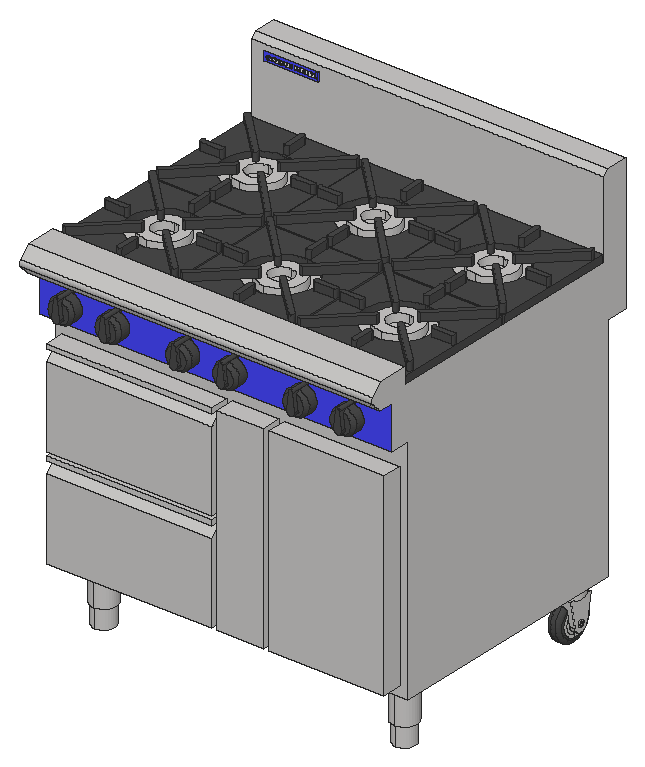
Revit family "QF_MOFFAT_BLUESEAL_CE_G516D-RB", category Specialty Equipment, Revit 2012
Parameters
  Weight in Pounds = 396  # constant formula
  Width [instance] = 900.00 mm  # constant formula
  Watts = 250 W
  Volts = 230 V
  URL Cutsheet = "www.moffat.com"
  URL = "www.moffat.com"
  Type Mark [instance] = ""
  Status [instance] = ""
  Specification by User [instance] = ""
  Specification by Manufacturer = ""
  Show Logo [instance] = yes
  Show Door [instance] = no
  Show Clearance [instance] = yes
  Show Casters [instance] = yes
  Serial Number = ""
  Seismic Rating = ""
  SMACNA No = ""
  Revision Code [instance] = ""
  Refrigerant Type = "R134a"
  Phase = 1
  Omniclass Number and Title = ""
  Number of Poles = 1
  NAFEM Spec ID Number = ""
  Model = "G516D-RB"
  Min Ckt Ampacity = 0 A
  Mechanical Remarks = ""
  Mechanical Connection Type = ""
  Max Overcurrent Protection = 0 A
  Masterspec = ""
  Manufacturer = "MOFFAT BLUESEAL"
  Legs [instance] = not(Show Casters)  # no
  Item Number [instance] = ""
  Installed By [instance] = ""
  Identify Quantity as Lot [instance] = yes
  HP = ""
  Gas Size = 3/4"
  Gas RI Height = 0.00 mm
  Gas KW = 42
  Gas Input = 144500.0 Btu/h
  Gas Connection Height = 0.00 mm
  Furnished By [instance] = ""
  Foodservice Equipment Identifier [instance] = yes
  FL Amps = 1.8 A
  Elec Conn RI Height = 0.00 mm
  Elec Conn Connection Height = 0.00 mm
  Drawer Clearance [instance] = and(Show Clearance, and(Drawer))  # yes
  Drawer [instance] = not(Show Door)  # yes
  Door Clearance [instance] = and(Show Clearance, and(Show Door))  # no
  Description = "900MM GAS COOK TOP ON REFRIGERATED BASE"
  Depth [instance] = 812.00 mm  # constant formula
  Cycle = 50 Hz
  Conn Plug = ""
  Conn Conduit = yes
  CSI MasterFormat = ""
  CSI Master Format = ""
  Back Splash [instance] = 215.00 mm  # constant formula
  Apparent Power = if(Phase = 3, Volts * FL Amps * 1.73, Volts * FL Amps)  # 414 VA
Reference planes
  plane 1 "BACK": y = 0
  plane 2: z = 0
  plane 3 "LEFT": x = 0
  plane 4 "RIGHT": x = 900
  plane 5 "FRONT": y = -812
  plane 6 "TOP": z = 970
  plane 7 "Center Y": x = 450
  plane 8 "Center X": y = -406
  plane 9 "Base Height": z = 150
  plane 10: z = 915
  plane 11: x = 65
  plane 12: x = 834
  plane 13: y = -625
  plane 14: x = 770
  plane 15: z = 655
  plane 16: y = -32
  plane 17: x = 617
  plane 18: z = 402
  plane 19: z = 1085
  plane 20: y = -100
Forms (mm)
  Extrusion 1, solid, material "QF_Finishes_Stainless Steel"
    sketch origin (0, 0, 0) x (0, 1, 0) y (0, 0, 1)
      loop
        line (-697, 150) -> (-57, 150) -> (-57, 740) -> (0, 740) -> (0, 1085) -> (-57.5, 1085) -> (-70, 1072.5) -> (-70, 875) -> (-705, 875) -> (-705, 915) -> (-783.97, 915) -> (-808.485, 890.485)
        arc (-808.485, 890.485) -> (-811.999, 882) -> (-808.485, 873.515) r 12
        line (-808.485, 873.515) -> (-784.97, 850) -> (-749, 850) -> (-749, 740) -> (-697, 740) -> (-697, 150)
    from 0 to 900
  Revolve 2, solid, material "QF_Finishes_Stainless Steel", visible <- "Legs"
    sketch origin (834, -210, 0) x (0, 1, 0) y (0, 0, -1)
      loop
        line (78.25, -150) -> (110, -150) -> (110, 0) -> (82.5, 0) -> (82.5, -50) -> (78.25, -50) -> (78.25, -150)
      axis (110, -150) -> (110, 0)
    angle from 0 to 360
  Revolve 3, solid, material "QF_Finishes_Stainless Steel"
    sketch origin (834, -735, 0) x (0, 1, 0) y (0, 0, -1)
      loop
        line (78.25, -150) -> (110, -150) -> (110, 0) -> (82.5, 0) -> (82.5, -50) -> (78.25, -50) -> (78.25, -150)
      axis (110, -150) -> (110, 0)
    angle from 0 to 360
  Revolve 4, solid, material "QF_Finishes_Stainless Steel", visible <- "Legs"
    sketch origin (65, -210, 0) x (0, 1, 0) y (0, 0, -1)
      loop
        line (78.25, -150) -> (110, -150) -> (110, 0) -> (82.5, 0) -> (82.5, -50) -> (78.25, -50) -> (78.25, -150)
      axis (110, -150) -> (110, 0)
    angle from 0 to 360
  Revolve 5, solid, material "QF_Finishes_Stainless Steel"
    sketch origin (65, -735, 0) x (0, 1, 0) y (0, 0, -1)
      loop
        line (78.25, -150) -> (110, -150) -> (110, 0) -> (82.5, 0) -> (82.5, -50) -> (78.25, -50) -> (78.25, -150)
      axis (110, -150) -> (110, 0)
    angle from 0 to 360
  Revolve 6, solid, material "QF_Finishes_Black"
    sketch origin (89.687, 0, 599.987) x (0, 1, 0) y (0, 0, -1)
      loop
        line (-789, -229.5) -> (-766, -229.5) -> (-766, -202) -> (-756, -202) -> (-756, -197) -> (-800, -197) -> (-800, -223.651) -> (-789, -229.5)
      axis (-800, -197) -> (-756, -197)
    angle from 0 to 360
  Extrusion 7, solid, material "QF_Finishes_Black"
    sketch origin (227.957, 0, 600.145) x (-1, 0, 0) y (0, 0, -1)
      loop
        line (127.85, -186.037) -> (133.271, -228.955)
        arc (133.271, -228.955) -> (138.27, -233.842) -> (143.268, -228.955) r 5
        line (143.268, -228.955) -> (148.757, -184.87)
        arc (148.757, -184.87) -> (137.685, -174.371) -> (127.85, -186.037) r 10.487
    from 759 to 808
  Extrusion 8, solid, material "QF_Finishes_Stainless Steel"
    sketch origin (0, -699, 685) x (1, 0, 0) y (0, -1, 0)
      loop
        circle (770, -667) r 13.5
    from -55 to 30
  Extrusion 9, solid, material "QF_Finishes_Stainless Steel"
    sketch origin (0, -57, 685) x (0, 0, 1) y (1, 0, 0)
      loop
        circle (-265, 620) r 13.5
    from 0 to 3.18
  Revolve 10, solid, material "QF_Finishes_Stainless Steel", visible <- "Show Casters"
    sketch origin (485.423, -100.755, -12.798) x (1, 0, 0) y (0, 0, 1)
      loop
        line (314.841, 63.604) -> (383.584, 63.604) -> (383.584, 67.109) -> (382.314, 68.379) -> (380.79, 68.379) -> (380.79, 71.826) -> (368.644, 71.826) -> (368.644, 81.79) -> (365.088, 83.843) -> (363.738, 92.179) -> (365.881, 92.179) -> (365.881, 98.529) -> (365.088, 98.529) -> (365.088, 104.879)
        arc (365.088, 104.879) -> (362.298, 111.614) -> (355.563, 114.404) r 9.525
        line (355.563, 114.404) -> (342.863, 114.404)
        arc (342.863, 114.404) -> (336.127, 111.614) -> (333.338, 104.879) r 9.525
        line (333.338, 104.879) -> (333.338, 98.529) -> (332.544, 98.529) -> (332.544, 92.179) -> (334.687, 92.179) -> (333.352, 83.932) -> (329.782, 81.871) -> (329.782, 71.826) -> (317.635, 71.826) -> (317.635, 68.379) -> (316.111, 68.379) -> (314.841, 67.109) -> (314.841, 63.604)
      axis (314.841, 63.604) -> (383.584, 63.604)
    angle from 0 to 360
  Extrusion 11, solid, material "QF_Finishes_Stainless Steel", visible <- "Show Casters"
    sketch origin (841.147, 132.353, -9.137) x (0, 1, 0) y (0, 0, 1)
      loop
        line (-200.603, 118.783) -> (-264.103, 118.783) -> (-251.746, 53.895)
        arc (-251.746, 53.895) -> (-232.353, 38.783) -> (-212.959, 53.895) r 20
        line (-212.959, 53.895) -> (-200.603, 118.783)
    from -35.667 to 22.923
  Revolve 12, solid, material "QF_Finishes_Stainless Steel", visible <- "Show Casters"
    sketch origin (834.646, -204, -0.354) x (0, 1, 0) y (0, 0, 1)
      loop
        line (68.25, 150) -> (68.25, 110) -> (104, 110) -> (104, 150) -> (68.25, 150)
      axis (104, 150) -> (104, 110)
    angle from 0 to 360
  Revolve 13, solid, material "QF_Finishes_Stainless Steel", visible <- "Show Casters"
    sketch origin (-283.577, -100.755, -12.798) x (1, 0, 0) y (0, 0, 1)
      loop
        line (314.841, 63.604) -> (383.584, 63.604) -> (383.584, 67.109) -> (382.314, 68.379) -> (380.79, 68.379) -> (380.79, 71.826) -> (368.644, 71.826) -> (368.644, 81.79) -> (365.088, 83.843) -> (363.738, 92.179) -> (365.881, 92.179) -> (365.881, 98.529) -> (365.088, 98.529) -> (365.088, 104.879)
        arc (365.088, 104.879) -> (362.298, 111.614) -> (355.563, 114.404) r 9.525
        line (355.563, 114.404) -> (342.863, 114.404)
        arc (342.863, 114.404) -> (336.127, 111.614) -> (333.338, 104.879) r 9.525
        line (333.338, 104.879) -> (333.338, 98.529) -> (332.544, 98.529) -> (332.544, 92.179) -> (334.687, 92.179) -> (333.352, 83.932) -> (329.782, 81.871) -> (329.782, 71.826) -> (317.635, 71.826) -> (317.635, 68.379) -> (316.111, 68.379) -> (314.841, 67.109) -> (314.841, 63.604)
      axis (314.841, 63.604) -> (383.584, 63.604)
    angle from 0 to 360
  Extrusion 14, solid, material "QF_Finishes_Stainless Steel", visible <- "Show Casters"
    sketch origin (72.147, 132.353, -9.137) x (0, 1, 0) y (0, 0, 1)
      loop
        line (-200.603, 118.783) -> (-264.103, 118.783) -> (-251.746, 53.895)
        arc (-251.746, 53.895) -> (-232.353, 38.783) -> (-212.959, 53.895) r 20
        line (-212.959, 53.895) -> (-200.603, 118.783)
    from -35.667 to 22.923
  Revolve 15, solid, material "QF_Finishes_Stainless Steel", visible <- "Show Casters"
    sketch origin (65.646, -204, -0.354) x (0, 1, 0) y (0, 0, 1)
      loop
        line (68.25, 150) -> (68.25, 110) -> (104, 110) -> (104, 150) -> (68.25, 150)
      axis (104, 150) -> (104, 110)
    angle from 0 to 360
  Revolve 16, solid, material "QF_Finishes_Black"
    sketch origin (210, 0, 600) x (0, 1, 0) y (0, 0, -1)
      loop
        line (-789, -229.5) -> (-766, -229.5) -> (-766, -202) -> (-756, -202) -> (-756, -197) -> (-800, -197) -> (-800, -223.651) -> (-789, -229.5)
      axis (-800, -197) -> (-756, -197)
    angle from 0 to 360
  Extrusion 17, solid, material "QF_Finishes_Black"
    sketch origin (348.27, 0, 600.158) x (-1, 0, 0) y (0, 0, -1)
      loop
        line (127.85, -186.037) -> (133.271, -228.955)
        arc (133.271, -228.955) -> (138.27, -233.842) -> (143.268, -228.955) r 5
        line (143.268, -228.955) -> (148.757, -184.87)
        arc (148.757, -184.87) -> (137.685, -174.371) -> (127.85, -186.037) r 10.487
    from 759 to 808
  Revolve 18, solid, material "QF_Finishes_Black"
    sketch origin (389.769, 0, 600) x (0, 1, 0) y (0, 0, -1)
      loop
        line (-789, -229.5) -> (-766, -229.5) -> (-766, -202) -> (-756, -202) -> (-756, -197) -> (-800, -197) -> (-800, -223.651) -> (-789, -229.5)
      axis (-800, -197) -> (-756, -197)
    angle from 0 to 360
  Extrusion 19, solid, material "QF_Finishes_Black"
    sketch origin (528.038, 0, 600.158) x (-1, 0, 0) y (0, 0, -1)
      loop
        line (127.85, -186.037) -> (133.271, -228.955)
        arc (133.271, -228.955) -> (138.27, -233.842) -> (143.268, -228.955) r 5
        line (143.268, -228.955) -> (148.757, -184.87)
        arc (148.757, -184.87) -> (137.685, -174.371) -> (127.85, -186.037) r 10.487
    from 759 to 808
  Revolve 20, solid, material "QF_Finishes_Black"
    sketch origin (689.769, 0, 600) x (0, 1, 0) y (0, 0, -1)
      loop
        line (-789, -229.5) -> (-766, -229.5) -> (-766, -202) -> (-756, -202) -> (-756, -197) -> (-800, -197) -> (-800, -223.651) -> (-789, -229.5)
      axis (-800, -197) -> (-756, -197)
    angle from 0 to 360
  Extrusion 21, solid, material "QF_Finishes_Black"
    sketch origin (828.038, 0, 600.158) x (-1, 0, 0) y (0, 0, -1)
      loop
        line (127.85, -186.037) -> (133.271, -228.955)
        arc (133.271, -228.955) -> (138.27, -233.842) -> (143.268, -228.955) r 5
        line (143.268, -228.955) -> (148.757, -184.87)
        arc (148.757, -184.87) -> (137.685, -174.371) -> (127.85, -186.037) r 10.487
    from 759 to 808
  Revolve 22, solid, material "QF_Finishes_Black"
    sketch origin (510.081, 0, 600.013) x (0, 1, 0) y (0, 0, -1)
      loop
        line (-789, -229.5) -> (-766, -229.5) -> (-766, -202) -> (-756, -202) -> (-756, -197) -> (-800, -197) -> (-800, -223.651) -> (-789, -229.5)
      axis (-800, -197) -> (-756, -197)
    angle from 0 to 360
  Extrusion 23, solid, material "QF_Finishes_Black"
    sketch origin (648.351, 0, 600.171) x (-1, 0, 0) y (0, 0, -1)
      loop
        line (127.85, -186.037) -> (133.271, -228.955)
        arc (133.271, -228.955) -> (138.27, -233.842) -> (143.268, -228.955) r 5
        line (143.268, -228.955) -> (148.757, -184.87)
        arc (148.757, -184.87) -> (137.685, -174.371) -> (127.85, -186.037) r 10.487
    from 759 to 808
  Revolve 24, solid, material "QF_Finishes_Black"
    sketch origin (810.081, 0, 600.013) x (0, 1, 0) y (0, 0, -1)
      loop
        line (-789, -229.5) -> (-766, -229.5) -> (-766, -202) -> (-756, -202) -> (-756, -197) -> (-800, -197) -> (-800, -223.651) -> (-789, -229.5)
      axis (-800, -197) -> (-756, -197)
    angle from 0 to 360
  Extrusion 25, solid, material "QF_Finishes_Black"
    sketch origin (948.351, 0, 600.171) x (-1, 0, 0) y (0, 0, -1)
      loop
        line (127.85, -186.037) -> (133.271, -228.955)
        arc (133.271, -228.955) -> (138.27, -233.842) -> (143.268, -228.955) r 5
        line (143.268, -228.955) -> (148.757, -184.87)
        arc (148.757, -184.87) -> (137.685, -174.371) -> (127.85, -186.037) r 10.487
    from 759 to 808
  Extrusion 26, solid, material "QF_Finishes_Stainless Steel"
    sketch origin (0, 0, 0) x (0, 1, 0) y (0, 0, 1)
      loop
        line (-699, 678) -> (-747, 678) -> (-747, 665) -> (-715.13, 665) -> (-749, 636.579) -> (-749, 431) -> (-699, 431) -> (-699, 678)
      loop
        line (-749, 175) -> (-699, 175) -> (-699, 421) -> (-747, 421) -> (-747, 408) -> (-715.13, 408) -> (-749, 379.579) -> (-749, 175)
    from 17.986 to 440
  Extrusion 27, solid, material "QF_Finishes_Stainless Steel"
    sketch origin (723.5, 0, 0) x (0, 1, 0) y (0, 0, 1)
      loop
        line (-699, 678) -> (-749, 678) -> (-749, 175) -> (-699, 175) -> (-699, 678)
    from -270.5 to -150.5
  Extrusion 28, solid, material "QF_Door-Drawer Clearances", visible <- "Show Clearance", detail levels coarse
    sketch origin (0, -749, 676) x (0, 0, -1) y (1, 0, 0)
      loop
        line (501, 440) -> (255, 440) -> (255, 17.986) -> (501, 17.986) -> (501, 440)
      loop
        line (245, 440) -> (-2, 440) -> (-2, 17.986) -> (245, 17.986) -> (245, 440)
    from 0 to 304.8
  Extrusion 29, solid, material "QF_Finishes_Stainless Steel"
    sketch origin (1031.5, 0, 0) x (0, 1, 0) y (0, 0, 1)
      loop
        line (-699, 678) -> (-749, 678) -> (-749, 175) -> (-699, 175) -> (-699, 678)
    from -444.5 to -150.5
Lines and regions (mm)
  Split face 1
    outline origin (0, 612.322, 1085) x (0, -1, 0) y (1, 0, 0)
      loop
        arc (657.707, 566) -> (652.707, 574.66) -> (642.707, 574.66) r 10
        line (642.707, 574.66) -> (635.707, 570.619)
        arc (635.707, 570.619) -> (632.047, 566.959) -> (630.707, 561.959) r 10
        line (630.707, 561.959) -> (630.707, 334)
        arc (630.707, 334) -> (635.707, 325.34) -> (645.707, 325.34) r 10
        line (645.707, 325.34) -> (652.707, 329.381)
        arc (652.707, 329.381) -> (656.368, 333.041) -> (657.707, 338.041) r 10
        line (657.707, 338.041) -> (657.707, 566)
  Split face 2
    outline origin (0, 612.322, 1085) x (0, -1, 0) y (1, 0, 0)
      loop
        arc (630.707, 624) -> (635.707, 615.34) -> (645.707, 615.34) r 10
        line (645.707, 615.34) -> (652.707, 619.381)
        arc (652.707, 619.381) -> (656.368, 623.041) -> (657.707, 628.041) r 10
        line (657.707, 628.041) -> (657.707, 856)
        arc (657.707, 856) -> (652.707, 864.66) -> (642.707, 864.66) r 10
        line (642.707, 864.66) -> (635.707, 860.619)
        arc (635.707, 860.619) -> (632.047, 856.959) -> (630.707, 851.959) r 10
        line (630.707, 851.959) -> (630.707, 624)
  Split face 3
    outline origin (0, 612.322, 1085) x (0, -1, 0) y (1, 0, 0)
      loop
        arc (657.707, 276) -> (652.707, 284.66) -> (642.707, 284.66) r 10
        line (642.707, 284.66) -> (635.707, 280.619)
        arc (635.707, 280.619) -> (632.047, 276.959) -> (630.707, 271.959) r 10
        line (630.707, 271.959) -> (630.707, 44)
        arc (630.707, 44) -> (635.707, 35.34) -> (645.707, 35.34) r 10
        line (645.707, 35.34) -> (652.707, 39.381)
        arc (652.707, 39.381) -> (656.368, 43.041) -> (657.707, 48.041) r 10
        line (657.707, 48.041) -> (657.707, 276)
  Split face 4
    outline origin (1031.5, -749, 676) x (0, 0, -1) y (1, 0, 0)
      loop
        line (291.62, -416.534) -> (481.62, -416.534) -> (481.62, -181.534) -> (291.62, -181.534) -> (291.62, -416.534)
  Split face 5
    outline origin (1031.5, -749, 931) x (0, 0, -1) y (1, 0, 0)
      loop
        line (291.62, -416.534) -> (356.62, -416.534) -> (356.62, -181.534) -> (291.62, -181.534) -> (291.62, -416.534)
  Split face 6
    outline origin (1031.5, -749, 807.725) x (0, 0, -1) y (1, 0, 0)
      loop
        line (307.841, -274.649) -> (342.841, -274.649) -> (342.841, -219.649) -> (307.841, -219.649) -> (307.841, -274.649)
  Split face 7
    outline origin (939.097, -749, 808.536) x (0, 0, -1) y (1, 0, 0)
      loop
        line (307.841, -274.649) -> (342.841, -274.649) -> (342.841, -239.649) -> (307.841, -239.649) -> (307.841, -274.649)
  symbolic lines
    curve 1: line (0, 0, 0) -> (0, -812, 0)
    curve 2: line (900, 0, 0) -> (0, 0, 0)
    curve 3: line (900, -812, 0) -> (900, 0, 0)
    curve 4: line (0, -812, 0) -> (900, -812, 0)
    curve 13: line (0, -783.97, 0) -> (900, -783.97, 0)
    curve 14: line (0, -70, 0) -> (900, -70, 0)
    curve 15: line (334, -18.385, 0) -> (561.959, -18.385, 0)
    curve 16: arc (561.959, -18.385, 0) -> (566.959, -19.725, 0) -> (570.619, -23.385, 0) r 10
    curve 17: line (570.619, -23.385, 0) -> (574.66, -30.385, 0)
    curve 18: arc (574.66, -30.385, 0) -> (574.66, -40.385, 0) -> (566, -45.385, 0) r 10
    curve 19: line (566, -45.385, 0) -> (338.041, -45.385, 0)
    curve 20: arc (338.041, -45.385, 0) -> (333.041, -44.045, 0) -> (329.381, -40.385, 0) r 10
    curve 21: line (329.381, -40.385, 0) -> (325.34, -33.385, 0)
    curve 22: arc (325.34, -33.385, 0) -> (325.34, -23.385, 0) -> (334, -18.385, 0) r 10
    curve 23: line (44, -18.385, 0) -> (271.959, -18.385, 0)
    curve 24: arc (271.959, -18.385, 0) -> (276.959, -19.725, 0) -> (280.619, -23.385, 0) r 10
    curve 25: line (280.619, -23.385, 0) -> (284.66, -30.385, 0)
    curve 26: arc (284.66, -30.385, 0) -> (284.66, -40.385, 0) -> (276, -45.385, 0) r 10
    curve 27: line (276, -45.385, 0) -> (48.041, -45.385, 0)
    curve 28: arc (48.041, -45.385, 0) -> (43.041, -44.045, 0) -> (39.381, -40.385, 0) r 10
    curve 29: line (39.381, -40.385, 0) -> (35.34, -33.385, 0)
    curve 30: arc (35.34, -33.385, 0) -> (35.34, -23.385, 0) -> (44, -18.385, 0) r 10
    curve 31: line (624, -18.385, 0) -> (851.959, -18.385, 0)
    curve 32: arc (851.959, -18.385, 0) -> (856.959, -19.725, 0) -> (860.619, -23.385, 0) r 10
    curve 33: line (860.619, -23.385, 0) -> (864.66, -30.385, 0)
    curve 34: arc (864.66, -30.385, 0) -> (864.66, -40.385, 0) -> (856, -45.385, 0) r 10
    curve 35: line (856, -45.385, 0) -> (628.041, -45.385, 0)
    curve 36: arc (628.041, -45.385, 0) -> (623.041, -44.045, 0) -> (619.381, -40.385, 0) r 10
    curve 37: line (619.381, -40.385, 0) -> (615.34, -33.385, 0)
    curve 38: arc (615.34, -33.385, 0) -> (615.34, -23.385, 0) -> (624, -18.385, 0) r 10
    curve 39: line (0, -57.5, 0) -> (900, -57.5, 0)
  symbolic lines, style "SpecialityEquipmentHiddenLines", visible <- "Show Casters"
    curve 5: line (875.952, -62.61, 0) -> (825.152, -150.598, 0)
    curve 6: line (848.456, -46.735, 0) -> (875.952, -62.61, 0)
    curve 7: line (797.656, -134.723, 0) -> (848.456, -46.735, 0)
    curve 8: line (825.152, -150.598, 0) -> (797.656, -134.723, 0)
    curve 9: line (106.952, -62.61, 0) -> (56.152, -150.598, 0)
    curve 10: line (79.456, -46.735, 0) -> (106.952, -62.61, 0)
    curve 11: line (28.656, -134.723, 0) -> (79.456, -46.735, 0)
    curve 12: line (56.152, -150.598, 0) -> (28.656, -134.723, 0)
  symbolic lines, style "QF_Door-Drawer Clearances"
    curve 40: line (17.986, -1053.8, 0) -> (440, -1053.8, 0)
    curve 41: line (440, -1053.8, 0) -> (440, -812, 0)
    curve 42: line (17.986, -1053.8, 0) -> (17.986, -812, 0)
Dimensions and locks
  equal spacing: plane 3 "LEFT", plane 7 "Center Y", plane 4 "RIGHT"
  "Width": plane 3 "LEFT" to plane 4 "RIGHT"
  equal spacing: plane 5 "FRONT", plane 8 "Center X", plane 1 "BACK"
  "Depth": plane 5 "FRONT" to plane 1 "BACK"
  locked: plane 10 to level at 915
  locked: plane 9 "Base Height" to level at 150
  plane 6 "TOP" to plane 10 = 55.00 mm
  plane 12 to plane 11 = 769.00 mm
  plane 6 "TOP" to level = 970.00 mm
  plane 14 to plane 4 "RIGHT" = 130.00 mm
  plane 15 to level = 655.00 mm
  plane 16 to plane 1 "BACK" = 32.00 mm
  plane 17 to plane 4 "RIGHT" = 283.00 mm
  plane 18 to level = 402.00 mm
  plane 19 to plane 2 = 1085.00 mm
  Revolve 10 sketch curve to Revolve 10 sketch curve = 50.80 mm
  Revolve 13 sketch curve to Revolve 13 sketch curve = 50.80 mm
  plane 2 to Extrusion 9 sketch curve = 420.00 mm
  aligned and locked: level to plane 2
Automatic sketch dimensions
  Extrusion 1 sketch curve to plane 10 = 0.00 mm
  Extrusion 1 sketch curve to plane 9 "Base Height" = 0.00 mm
  Extrusion 1 sketch curve to plane 19 = 0.00 mm
  Extrusion 1 sketch curve to plane 1 "BACK" = 0.00 mm
  Extrusion 1 sketch curve to plane 16 = 25.00 mm
  Extrusion 1 sketch curve to plane 16 = 25.50 mm
  Extrusion 1 sketch curve to plane 20 = 30.00 mm
  Extrusion 1 sketch curve to plane 13 = 72.00 mm
  Extrusion 1 sketch curve to plane 13 = 80.00 mm
  Extrusion 1 sketch curve to Extrusion 1 sketch curve = 44.00 mm
  Extrusion 1 sketch curve to plane 5 "FRONT" = 28.03 mm
  Extrusion 1 sketch curve to plane 5 "FRONT" = 27.03 mm
  Extrusion 1 sketch curve to plane 5 "FRONT" = 12.001 mm
  Extrusion 1 sketch curve to plane 5 "FRONT" = 3.515 mm  (x2)
  plane 15 to Extrusion 1 sketch curve = 85.00 mm  (x2)
  Extrusion 1 sketch curve to plane 10 = 65.00 mm
  Extrusion 1 sketch curve to Extrusion 1 sketch curve = 23.515 mm
  Extrusion 1 sketch curve to Extrusion 1 sketch curve = 40.00 mm
  Extrusion 1 sketch curve to Extrusion 1 sketch curve = 8.485 mm
  Extrusion 1 sketch curve to plane 19 = 12.50 mm
  Revolve 2 sketch curve to plane 9 "Base Height" = 0.00 mm
  Revolve 2 sketch curve to level = 0.00 mm
  Revolve 2 sketch curve to plane 20 = 0.00 mm  (x2)
  plane 20 to Revolve 2 sketch curve = 27.50 mm
  plane 20 to Revolve 2 sketch curve = 31.75 mm
  level to Revolve 2 sketch curve = 50.00 mm
  Revolve 2 sketch curve to Revolve 2 sketch curve = 0.00 mm
  Revolve 2 sketch curve to Revolve 2 sketch curve = 55.00 mm
  Revolve 3 sketch curve to plane 9 "Base Height" = 0.00 mm
  Revolve 3 sketch curve to level = 0.00 mm
  Revolve 3 sketch curve to plane 13 = 0.00 mm  (x2)
  Revolve 3 sketch curve to plane 13 = 27.50 mm
  Revolve 3 sketch curve to plane 13 = 31.75 mm
  level to Revolve 3 sketch curve = 50.00 mm
  Revolve 3 sketch curve to Revolve 3 sketch curve = 0.00 mm
  Revolve 3 sketch curve to Revolve 3 sketch curve = 55.00 mm
  Revolve 4 sketch curve to plane 9 "Base Height" = 0.00 mm
  Revolve 4 sketch curve to level = 0.00 mm
  Revolve 4 sketch curve to plane 20 = 0.00 mm  (x2)
  plane 20 to Revolve 4 sketch curve = 27.50 mm
  plane 20 to Revolve 4 sketch curve = 31.75 mm
  level to Revolve 4 sketch curve = 50.00 mm
  Revolve 4 sketch curve to Revolve 4 sketch curve = 0.00 mm
  Revolve 4 sketch curve to Revolve 4 sketch curve = 55.00 mm
  Revolve 5 sketch curve to plane 9 "Base Height" = 0.00 mm
  Revolve 5 sketch curve to level = 0.00 mm
  Revolve 5 sketch curve to plane 13 = 0.00 mm  (x2)
  Revolve 5 sketch curve to plane 13 = 27.50 mm
  Revolve 5 sketch curve to plane 13 = 31.75 mm
  level to Revolve 5 sketch curve = 50.00 mm
  Revolve 5 sketch curve to Revolve 5 sketch curve = 0.00 mm
  Revolve 5 sketch curve to Revolve 5 sketch curve = 55.00 mm
  Revolve 6 sketch curve to plane 5 "FRONT" = 12.00 mm
  Revolve 6 sketch curve to Revolve 6 sketch curve = 0.00 mm  (x2)
  Revolve 6 sketch curve to Revolve 6 sketch curve = 11.00 mm
  Revolve 6 sketch curve to Revolve 6 sketch curve = 12.70 mm
  Revolve 6 sketch curve to Revolve 6 sketch curve = 23.00 mm
  Revolve 6 sketch curve to Revolve 6 sketch curve = 10.00 mm
  Revolve 6 sketch curve to plane 10 = 85.513 mm
  Revolve 6 sketch curve to Revolve 6 sketch curve = 5.849 mm
  Revolve 6 sketch curve to Revolve 6 sketch curve = 27.50 mm
  Revolve 6 sketch curve to Revolve 6 sketch curve = 5.00 mm
  plane 11 to Extrusion 7 sketch curve = 35.106 mm
  plane 11 to Extrusion 7 sketch curve = 29.686 mm
  Extrusion 7 sketch curve to Extrusion 7 sketch curve = 10.419 mm
  Extrusion 7 sketch curve to Extrusion 7 sketch curve = 4.999 mm  (x2)
  Extrusion 7 sketch curve to Extrusion 7 sketch curve = 10.487 mm
  Extrusion 7 sketch curve to plane 10 = 85.899 mm
  Extrusion 7 sketch curve to Extrusion 7 sketch curve = 0.113 mm
  Extrusion 7 sketch curve to Extrusion 7 sketch curve = 42.919 mm
  Extrusion 7 sketch curve to Extrusion 7 sketch curve = 1.167 mm
  Extrusion 8 sketch curve to plane 14 = 0.00 mm
  Extrusion 8 sketch curve to plane 16 = 0.00 mm
  Extrusion 1 to Extrusion 9 sketch curve = 280.00 mm
  plane 14 to Revolve 10 sketch curve = 30.264 mm
  Revolve 10 sketch curve to Revolve 10 sketch curve = 1.27 mm  (x4)
  Revolve 10 sketch curve to Revolve 10 sketch curve = 1.524 mm  (x2)
  Revolve 10 sketch curve to Revolve 10 sketch curve = 12.146 mm  (x2)
  plane 12 to Revolve 10 sketch curve = 16.033 mm
  Revolve 10 sketch curve to Revolve 10 sketch curve = 0.794 mm  (x2)
  Revolve 10 sketch curve to Revolve 10 sketch curve = 3.57 mm
  Revolve 10 sketch curve to Revolve 10 sketch curve = 2.143 mm
  plane 12 to Revolve 10 sketch curve = 5.715 mm
  Revolve 10 sketch curve to plane 12 = 5.776 mm
  Revolve 10 sketch curve to plane 12 = 6.985 mm
  Revolve 10 sketch curve to Revolve 10 sketch curve = 8.176 mm
  Revolve 10 sketch curve to Revolve 10 sketch curve = 1.349 mm  (x2)
  Revolve 10 sketch curve to Revolve 10 sketch curve = 3.556 mm
  Revolve 10 sketch curve to plane 4 "RIGHT" = 2.327 mm
  level to Revolve 10 sketch curve = 50.806 mm
  Revolve 10 sketch curve to Revolve 10 sketch curve = 0.00 mm
  Revolve 10 sketch curve to Revolve 10 sketch curve = 3.505 mm  (x2)
  Revolve 10 sketch curve to Revolve 10 sketch curve = 3.447 mm  (x2)
  Revolve 10 sketch curve to Revolve 10 sketch curve = 9.964 mm
  Revolve 10 sketch curve to Revolve 10 sketch curve = 10.045 mm
  Revolve 10 sketch curve to Revolve 10 sketch curve = 2.053 mm
  Revolve 10 sketch curve to Revolve 10 sketch curve = 2.061 mm
  Revolve 10 sketch curve to Revolve 10 sketch curve = 8.247 mm
  Revolve 10 sketch curve to Revolve 10 sketch curve = 8.336 mm
  Revolve 10 sketch curve to Revolve 10 sketch curve = 6.35 mm  (x2)
  Extrusion 11 sketch curve to plane 20 = 0.00 mm
  plane 20 to Extrusion 11 sketch curve = 19.393 mm
  plane 20 to Extrusion 11 sketch curve = 31.75 mm
  Extrusion 11 sketch curve to plane 20 = 19.393 mm
  Extrusion 11 sketch curve to plane 20 = 31.75 mm
  level to Extrusion 11 sketch curve = 44.758 mm
  Extrusion 11 sketch curve to Extrusion 11 sketch curve = 4.889 mm
  Extrusion 11 sketch curve to plane 9 "Base Height" = 40.354 mm
  Revolve 12 sketch curve to plane 20 = 0.00 mm  (x2)
  Revolve 12 sketch curve to plane 9 "Base Height" = 0.354 mm
  Revolve 12 sketch curve to Revolve 12 sketch curve = 35.75 mm
  Revolve 12 sketch curve to Revolve 12 sketch curve = 40.00 mm
  level to Revolve 12 sketch curve = 49.646 mm
  Revolve 12 sketch curve to level = 55.354 mm
  plane 3 "LEFT" to Revolve 13 sketch curve = 31.264 mm
  Revolve 13 sketch curve to Revolve 13 sketch curve = 1.27 mm  (x4)
  Revolve 13 sketch curve to Revolve 13 sketch curve = 1.524 mm  (x2)
  Revolve 13 sketch curve to Revolve 13 sketch curve = 12.146 mm  (x2)
  Revolve 13 sketch curve to plane 11 = 16.033 mm
  Revolve 13 sketch curve to Revolve 13 sketch curve = 0.794 mm  (x2)
  Revolve 13 sketch curve to Revolve 13 sketch curve = 3.57 mm
  Revolve 13 sketch curve to Revolve 13 sketch curve = 2.143 mm
  Revolve 13 sketch curve to plane 11 = 5.715 mm
  plane 11 to Revolve 13 sketch curve = 5.776 mm
  plane 11 to Revolve 13 sketch curve = 6.985 mm
  Revolve 13 sketch curve to Revolve 13 sketch curve = 8.176 mm
  Revolve 13 sketch curve to Revolve 13 sketch curve = 1.349 mm  (x2)
  Revolve 13 sketch curve to Revolve 13 sketch curve = 3.556 mm
  Revolve 13 sketch curve to Revolve 13 sketch curve = 33.32 mm
  level to Revolve 13 sketch curve = 50.806 mm
  Revolve 13 sketch curve to Revolve 13 sketch curve = 0.00 mm
  Revolve 13 sketch curve to Revolve 13 sketch curve = 3.505 mm  (x2)
  Revolve 13 sketch curve to Revolve 13 sketch curve = 3.447 mm  (x2)
  Revolve 13 sketch curve to Revolve 13 sketch curve = 9.964 mm
  Revolve 13 sketch curve to Revolve 13 sketch curve = 10.045 mm
  Revolve 13 sketch curve to Revolve 13 sketch curve = 2.053 mm
  Revolve 13 sketch curve to Revolve 13 sketch curve = 2.061 mm
  Revolve 13 sketch curve to Revolve 13 sketch curve = 8.247 mm
  Revolve 13 sketch curve to Revolve 13 sketch curve = 8.336 mm
  Revolve 13 sketch curve to Revolve 13 sketch curve = 6.35 mm  (x2)
  Extrusion 14 sketch curve to plane 20 = 0.00 mm
  plane 20 to Extrusion 14 sketch curve = 19.393 mm
  plane 20 to Extrusion 14 sketch curve = 31.75 mm
  Extrusion 14 sketch curve to plane 20 = 19.393 mm
  Extrusion 14 sketch curve to plane 20 = 31.75 mm
  level to Extrusion 14 sketch curve = 44.758 mm
  Extrusion 14 sketch curve to Extrusion 14 sketch curve = 4.889 mm
  Extrusion 14 sketch curve to plane 9 "Base Height" = 40.354 mm
  Revolve 15 sketch curve to plane 20 = 0.00 mm  (x2)
  Revolve 15 sketch curve to plane 9 "Base Height" = 0.354 mm
  plane 20 to Revolve 15 sketch curve = 35.75 mm
  Revolve 15 sketch curve to Revolve 15 sketch curve = 40.00 mm
  level to Revolve 15 sketch curve = 49.646 mm
  Revolve 15 sketch curve to level = 55.354 mm
  Split face 1 sketch curve to Extrusion 1 = 18.385 mm
  Split face 1 sketch curve to Split face 1 sketch curve = 5.00 mm  (x2)
  Split face 1 sketch curve to Split face 1 sketch curve = 10.00 mm  (x3)
  Split face 1 sketch curve to Split face 1 sketch curve = 7.00 mm  (x4)
  Split face 1 sketch curve to Extrusion 1 = 325.34 mm
  Split face 1 sketch curve to Split face 1 sketch curve = 4.041 mm  (x2)
  Split face 1 sketch curve to Split face 1 sketch curve = 223.917 mm
  Split face 2 sketch curve to Extrusion 1 = 18.385 mm
  Split face 2 sketch curve to Split face 2 sketch curve = 5.00 mm  (x2)
  Split face 2 sketch curve to Split face 2 sketch curve = 10.00 mm  (x3)
  Split face 2 sketch curve to Split face 2 sketch curve = 7.00 mm  (x4)
  Split face 2 sketch curve to Extrusion 1 = 284.66 mm
  Split face 2 sketch curve to Split face 2 sketch curve = 4.041 mm  (x2)
  Split face 2 sketch curve to Extrusion 1 = 48.041 mm
  Split face 3 sketch curve to Extrusion 1 = 18.385 mm
  Split face 3 sketch curve to Split face 3 sketch curve = 5.00 mm  (x2)
  Split face 3 sketch curve to Split face 3 sketch curve = 10.00 mm  (x3)
  Split face 3 sketch curve to Split face 3 sketch curve = 7.00 mm  (x4)
  Split face 3 sketch curve to Extrusion 1 = 35.34 mm
  Split face 3 sketch curve to Split face 3 sketch curve = 4.041 mm  (x2)
  Split face 3 sketch curve to Split face 3 sketch curve = 223.917 mm
  Revolve 16 sketch curve to plane 5 "FRONT" = 12.00 mm
  Revolve 16 sketch curve to Revolve 16 sketch curve = 0.00 mm  (x2)
  Revolve 16 sketch curve to Revolve 16 sketch curve = 11.00 mm
  Revolve 16 sketch curve to Revolve 16 sketch curve = 12.70 mm
  Revolve 16 sketch curve to Revolve 16 sketch curve = 23.00 mm
  Revolve 16 sketch curve to Revolve 16 sketch curve = 10.00 mm
  Revolve 16 sketch curve to plane 10 = 85.50 mm
  Revolve 16 sketch curve to Revolve 16 sketch curve = 5.849 mm
  Revolve 16 sketch curve to Revolve 16 sketch curve = 27.50 mm
  Revolve 16 sketch curve to Revolve 16 sketch curve = 5.00 mm
  plane 11 to Extrusion 17 sketch curve = 155.419 mm
  Extrusion 17 sketch curve to Extrusion 17 sketch curve = 5.421 mm
  Extrusion 17 sketch curve to Extrusion 17 sketch curve = 10.419 mm
  Extrusion 17 sketch curve to Extrusion 17 sketch curve = 4.999 mm  (x2)
  Extrusion 17 sketch curve to plane 10 = 85.887 mm
  Extrusion 17 sketch curve to Extrusion 17 sketch curve = 10.487 mm
  Extrusion 17 sketch curve to Extrusion 17 sketch curve = 0.113 mm
  Extrusion 17 sketch curve to Extrusion 17 sketch curve = 42.919 mm
  Extrusion 17 sketch curve to Extrusion 17 sketch curve = 1.167 mm
  Revolve 18 sketch curve to plane 5 "FRONT" = 12.00 mm
  Revolve 18 sketch curve to Revolve 18 sketch curve = 0.00 mm  (x2)
  Revolve 18 sketch curve to Revolve 18 sketch curve = 11.00 mm
  Revolve 18 sketch curve to Revolve 18 sketch curve = 12.70 mm
  Revolve 18 sketch curve to Revolve 18 sketch curve = 23.00 mm
  Revolve 18 sketch curve to Revolve 18 sketch curve = 10.00 mm
  Revolve 18 sketch curve to plane 10 = 85.50 mm
  Revolve 18 sketch curve to Revolve 18 sketch curve = 5.849 mm
  Revolve 18 sketch curve to Revolve 18 sketch curve = 27.50 mm
  Revolve 18 sketch curve to Revolve 18 sketch curve = 5.00 mm
  Extrusion 19 sketch curve to plane 7 "Center Y" = 49.812 mm
  Extrusion 19 sketch curve to Extrusion 19 sketch curve = 5.421 mm
  Extrusion 19 sketch curve to Extrusion 19 sketch curve = 10.419 mm
  Extrusion 19 sketch curve to Extrusion 19 sketch curve = 4.999 mm  (x2)
  Extrusion 19 sketch curve to Extrusion 19 sketch curve = 10.487 mm
  Extrusion 19 sketch curve to plane 10 = 85.887 mm
  Extrusion 19 sketch curve to Extrusion 19 sketch curve = 0.113 mm
  Extrusion 19 sketch curve to Extrusion 19 sketch curve = 42.919 mm
  Extrusion 19 sketch curve to Extrusion 19 sketch curve = 1.167 mm
  Revolve 20 sketch curve to plane 5 "FRONT" = 12.00 mm
  Revolve 20 sketch curve to Revolve 20 sketch curve = 0.00 mm  (x2)
  Revolve 20 sketch curve to Revolve 20 sketch curve = 11.00 mm
  Revolve 20 sketch curve to Revolve 20 sketch curve = 12.70 mm
  Revolve 20 sketch curve to Revolve 20 sketch curve = 23.00 mm
  Revolve 20 sketch curve to Revolve 20 sketch curve = 10.00 mm
  Revolve 20 sketch curve to plane 10 = 85.50 mm
  Revolve 20 sketch curve to Revolve 20 sketch curve = 5.849 mm
  Revolve 20 sketch curve to Revolve 20 sketch curve = 27.50 mm
  Revolve 20 sketch curve to Revolve 20 sketch curve = 5.00 mm
  Extrusion 21 sketch curve to plane 14 = 69.812 mm
  Extrusion 21 sketch curve to Extrusion 21 sketch curve = 5.421 mm
  Extrusion 21 sketch curve to Extrusion 21 sketch curve = 10.419 mm
  Extrusion 21 sketch curve to Extrusion 21 sketch curve = 4.999 mm  (x2)
  Extrusion 21 sketch curve to Extrusion 21 sketch curve = 10.487 mm
  Extrusion 21 sketch curve to plane 10 = 85.887 mm
  Extrusion 21 sketch curve to Extrusion 21 sketch curve = 0.113 mm
  Extrusion 21 sketch curve to Extrusion 21 sketch curve = 42.919 mm
  Extrusion 21 sketch curve to Extrusion 21 sketch curve = 1.167 mm
  Revolve 22 sketch curve to plane 5 "FRONT" = 12.00 mm
  Revolve 22 sketch curve to Revolve 22 sketch curve = 0.00 mm  (x2)
  Revolve 22 sketch curve to Revolve 22 sketch curve = 11.00 mm
  Revolve 22 sketch curve to Revolve 22 sketch curve = 12.70 mm
  Revolve 22 sketch curve to Revolve 22 sketch curve = 23.00 mm
  Revolve 22 sketch curve to Revolve 22 sketch curve = 10.00 mm
  Revolve 22 sketch curve to plane 10 = 85.487 mm
  Revolve 22 sketch curve to Revolve 22 sketch curve = 5.849 mm
  Revolve 22 sketch curve to Revolve 22 sketch curve = 27.50 mm
  Revolve 22 sketch curve to Revolve 22 sketch curve = 5.00 mm
  plane 7 "Center Y" to Extrusion 23 sketch curve = 70.501 mm
  Extrusion 23 sketch curve to Extrusion 23 sketch curve = 5.421 mm
  Extrusion 23 sketch curve to Extrusion 23 sketch curve = 10.419 mm
  Extrusion 23 sketch curve to Extrusion 23 sketch curve = 4.999 mm  (x2)
  Extrusion 23 sketch curve to Extrusion 23 sketch curve = 10.487 mm
  Extrusion 23 sketch curve to plane 10 = 85.874 mm
  Extrusion 23 sketch curve to Extrusion 23 sketch curve = 0.113 mm
  Extrusion 23 sketch curve to Extrusion 23 sketch curve = 42.919 mm
  Extrusion 23 sketch curve to Extrusion 23 sketch curve = 1.167 mm
  Revolve 24 sketch curve to plane 5 "FRONT" = 12.00 mm
  Revolve 24 sketch curve to Revolve 24 sketch curve = 0.00 mm  (x2)
  Revolve 24 sketch curve to Revolve 24 sketch curve = 11.00 mm
  Revolve 24 sketch curve to Revolve 24 sketch curve = 12.70 mm
  Revolve 24 sketch curve to Revolve 24 sketch curve = 23.00 mm
  Revolve 24 sketch curve to Revolve 24 sketch curve = 10.00 mm
  Revolve 24 sketch curve to plane 10 = 85.487 mm
  Revolve 24 sketch curve to Revolve 24 sketch curve = 5.849 mm
  Revolve 24 sketch curve to Revolve 24 sketch curve = 27.50 mm
  Revolve 24 sketch curve to Revolve 24 sketch curve = 5.00 mm
  plane 12 to Extrusion 25 sketch curve = 13.499 mm
  plane 12 to Extrusion 25 sketch curve = 18.92 mm
  Extrusion 25 sketch curve to Extrusion 25 sketch curve = 10.419 mm
  Extrusion 25 sketch curve to Extrusion 25 sketch curve = 4.999 mm  (x2)
  Extrusion 25 sketch curve to Extrusion 25 sketch curve = 10.487 mm
  Extrusion 25 sketch curve to plane 10 = 85.874 mm
  Extrusion 25 sketch curve to Extrusion 25 sketch curve = 0.113 mm
  Extrusion 25 sketch curve to Extrusion 25 sketch curve = 42.919 mm
  Extrusion 25 sketch curve to Extrusion 25 sketch curve = 1.167 mm
  Extrusion 26 sketch curve to plane 15 = 18.421 mm
  Extrusion 26 sketch curve to plane 5 "FRONT" = 63.00 mm  (x2)
  plane 9 "Base Height" to Extrusion 26 sketch curve = 25.00 mm
  plane 18 to Extrusion 26 sketch curve = 6.00 mm
  Extrusion 26 sketch curve to Extrusion 26 sketch curve = 2.00 mm  (x2)
  plane 15 to Extrusion 26 sketch curve = 10.00 mm
  Extrusion 26 sketch curve to Extrusion 26 sketch curve = 31.87 mm  (x2)
  Extrusion 26 sketch curve to Extrusion 26 sketch curve = 50.00 mm
  Extrusion 26 sketch curve to Extrusion 26 sketch curve = 0.00 mm
  Extrusion 26 sketch curve to plane 18 = 22.421 mm
  plane 18 to Extrusion 26 sketch curve = 19.00 mm
  Extrusion 26 sketch curve to Extrusion 26 sketch curve = 10.00 mm
  Extrusion 26 sketch curve to Extrusion 26 sketch curve = 13.00 mm
  plane 9 "Base Height" to Extrusion 27 sketch curve = 25.00 mm
  Extrusion 27 sketch curve to plane 5 "FRONT" = 63.00 mm
  Extrusion 27 sketch curve to Extrusion 27 sketch curve = 50.00 mm
  plane 15 to Extrusion 27 sketch curve = 23.00 mm
  Extrusion 28 sketch curve to Extrusion 26 = 0.00 mm  (x3)
  Extrusion 26 to Extrusion 28 sketch curve = 0.00 mm  (x2)
  Extrusion 26 to Extrusion 28 sketch curve = 41.421 mm
  Extrusion 26 to Extrusion 28 sketch curve = 10.00 mm
  Extrusion 28 sketch curve to Extrusion 28 sketch curve = 246.00 mm
  plane 9 "Base Height" to Extrusion 29 sketch curve = 25.00 mm
  Extrusion 29 sketch curve to plane 5 "FRONT" = 63.00 mm
  Extrusion 29 sketch curve to Extrusion 29 sketch curve = 50.00 mm
  plane 15 to Extrusion 29 sketch curve = 23.00 mm
  Split face 4 sketch curve to Extrusion 29 = 31.034 mm
  Split face 4 sketch curve to Extrusion 29 = 209.38 mm
  Split face 4 sketch curve to Extrusion 29 = 19.38 mm
  Split face 4 sketch curve to Extrusion 29 = 27.966 mm
  Split face 5 sketch curve to Extrusion 29 = 38.62 mm
  Split face 5 sketch curve to Extrusion 29 = 27.966 mm
  Split face 5 sketch curve to Split face 5 sketch curve = 65.00 mm
  Split face 5 sketch curve to Extrusion 29 = 31.034 mm
  Split face 6 sketch curve to Extrusion 29 = 69.149 mm
  Split face 6 sketch curve to Extrusion 29 = 178.116 mm
  Split face 6 sketch curve to Split face 6 sketch curve = 35.00 mm
  Split face 6 sketch curve to Split face 6 sketch curve = 55.00 mm
  Split face 7 sketch curve to Extrusion 29 = 177.305 mm
  Split face 7 sketch curve to Split face 7 sketch curve = 35.00 mm  (x2)
  Split face 7 sketch curve to Extrusion 29 = 77.448 mm
  plane 1 "BACK" to curve 1 = 0.00 mm
  curve 1 to plane 3 "LEFT" = 0.00 mm
  plane 5 "FRONT" to curve 42 = 0.00 mm
  curve 39 to plane 4 "RIGHT" = 0.00 mm
  plane 3 "LEFT" to curve 42 = 17.986 mm
  plane 3 "LEFT" to curve 12 = 28.656 mm
  curve 29 to plane 16 = 1.385 mm
  curve 29 to plane 11 = 29.66 mm
  curve 29 to plane 16 = 8.385 mm
  curve 30 to curve 29 = 4.041 mm
  plane 16 to curve 23 = 13.615 mm
  curve 30 to curve 23 = 8.66 mm
  curve 28 to curve 28 = 8.66 mm
  curve 9 to plane 11 = 8.848 mm
  plane 11 to curve 11 = 14.456 mm
  plane 16 to curve 24 = 3.615 mm
  curve 9 to curve 24 = 165.007 mm
  curve 26 to plane 16 = 3.385 mm
  curve 24 to curve 26 = 4.041 mm
  plane 16 to curve 24 = 8.615 mm
  plane 16 to curve 25 = 1.615 mm
  curve 25 to curve 25 = 4.041 mm
  curve 22 to plane 16 = 1.385 mm
  curve 25 to curve 22 = 40.679 mm
  curve 21 to plane 16 = 8.385 mm
  curve 21 to curve 21 = 4.041 mm
  plane 16 to curve 15 = 13.615 mm
  curve 22 to curve 15 = 8.66 mm
  curve 21 to curve 19 = 8.66 mm
  curve 41 to plane 7 "Center Y" = 10.00 mm
  curve 15 to plane 17 = 55.041 mm
  curve 16 to curve 19 = 4.041 mm
  plane 16 to curve 17 = 8.615 mm
  curve 15 to curve 17 = 8.66 mm
  plane 16 to curve 17 = 1.615 mm
  curve 17 to curve 17 = 4.041 mm
  curve 38 to plane 17 = 1.66 mm
  plane 17 to curve 36 = 2.381 mm
  plane 17 to curve 38 = 7.00 mm
  curve 36 to plane 16 = 3.385 mm
  curve 38 to curve 36 = 4.041 mm
  plane 14 to curve 8 = 27.656 mm
  plane 12 to curve 5 = 8.848 mm
  curve 7 to plane 12 = 14.456 mm
  plane 16 to curve 32 = 3.615 mm
  curve 32 to plane 12 = 17.959 mm
  curve 34 to plane 16 = 3.385 mm
  curve 32 to curve 34 = 4.041 mm  (x2)
  plane 16 to curve 33 = 8.615 mm
  curve 32 to curve 33 = 8.66 mm
  plane 16 to curve 34 = 1.615 mm
  curve 40 to curve 42 = 241.80 mm
  curve 13 to plane 5 "FRONT" = 28.03 mm
  plane 20 to curve 9 = 50.598 mm
  plane 20 to curve 5 = 50.598 mm
  curve 5 to curve 7 = 15.875 mm
  curve 9 to curve 11 = 15.875 mm
  curve 14 to curve 5 = 7.39 mm
  curve 14 to curve 39 = 12.50 mm
  curve 18 to plane 16 = 13.385 mm
  curve 37 to plane 16 = 1.385 mm
  radius of Extrusion 8 sketch curve = 13.50 mm
  radius of Extrusion 9 sketch curve = 13.50 mm
Nested families
  nested 1: "WALDORF LOGO_FACE BASE" at (32, -70, 1056.885) x (1, 0, 0) z (0, -1, 0), visible <- "Show Logo", type "WALDORF LOGO_FACE BASE", detail levels medium+fine
    with Show Logo yes
  nested 2: "GAS BURNER 900" at (-1, -70, 875), type "GAS BURNER 900"
    with Width 900.00 mm, Type Mark "", Status "", Specification by User "", Revision Code "", Item Number "", Installed By "", Identify Quantity as Lot yes, Furnished By "", Foodservice Equipment Identifier yes, Depth 635.00 mm
Connectors
  piping at (770, -32, 655)
    settings: on Extrusion 8, index 1, connector radius 0.37402", flow factor 0, pipe flow 0 GPM, pressure drop 0.00 psi, fitting loss kfactor 0, connector angle 0.00°, fixture units 0, engagement length 0.00 mm, flow configuration 1, flow direction 1, fitting loss method 0, system type 7, joint type 0, gender type 0, connector reference index -1, connector utility 0, adjustable connector no, is connector primary yes, fitting loss table "", connector description "GAS CONNECTION"
  electrical at (620, -53.82, 420), driven by "Volts", driven by "Watts"
    settings: on Extrusion 9, index 2, voltage 230 V, apparent load 250 VA, apparent load phase1 0 VA, apparent load phase2 0 VA, apparent load phase3 0 VA, power factor 1, load classification "Other", number of poles 1, system type 30, power factor state 1, is connector primary yes, connector utility no, sub classification motor no, connector description "ELECTRICAL CONNECTION"
Definition of nested family "WALDORF LOGO_FACE BASE"
  Parameters (values of type "WALDORF LOGO_FACE BASE")
    Show Logo [instance] = yes
    Default Elevation = 1219.20 mm
  Reference planes
    plane 1 "Center (Front/Back)": y = 0
    plane 2: z = 0
    plane 3 "Center (Left/Right)": x = 0
  Forms (mm)
    Extrusion 1, solid
      sketch origin (0, 0, 0) x (1, 0, 0) y (0, 1, 0)
        loop
          line (-1219.2, 1219.2) -> (-1219.2, -1219.2) -> (1219.2, -1219.2) -> (1219.2, 1219.2) -> (-1219.2, 1219.2)
      from 0 to -304.8
    Extrusion 2, solid, material "QF_Finishes_Blue", visible <- "Show Logo"
      sketch origin (0, -33.217, 0) x (1, 0, 0) y (0, 1, 0)
        loop
          arc (138, 31.942) -> (137.626, 32.844) -> (136.724, 33.217) r 1.276
          line (136.724, 33.217) -> (1.29, 33.217)
          arc (1.29, 33.217) -> (0.378, 32.839) -> (0, 31.927) r 1.29
          line (0, 31.927) -> (0, 11.507)
          arc (0, 11.507) -> (0.378, 10.595) -> (1.29, 10.217) r 1.29
          line (1.29, 10.217) -> (136.71, 10.217)
          arc (136.71, 10.217) -> (137.622, 10.595) -> (138, 11.507) r 1.29
          line (138, 11.507) -> (138, 31.942)
      from 0 to 1.588
    Extrusion 3, solid, material "QF_Finishes_White", visible <- "Show Logo"
      sketch origin (0, -33.217, 1.588) x (1, 0, 0) y (0, 1, 0)
        loop
          arc (108.946, 25.919) -> (107.613, 25.367) -> (107.061, 24.034) r 1.885
          line (107.061, 24.034) -> (107.061, 17.211) -> (112.704, 17.211) -> (112.704, 19.129) -> (115.546, 19.129) -> (115.546, 17.211) -> (121.584, 17.211) -> (121.584, 24.075)
          arc (121.584, 24.075) -> (121.043, 25.379) -> (119.739, 25.919) r 1.845
          line (119.739, 25.919) -> (108.946, 25.919)
        loop
          line (123.478, 25.919) -> (123.478, 17.163) -> (134.904, 17.163) -> (134.904, 19.129) -> (129.246, 19.129) -> (129.246, 25.919) -> (123.478, 25.919)
        loop
          line (112.704, 21.258) -> (115.546, 21.258) -> (115.546, 22.702)
          arc (115.546, 22.702) -> (115.344, 23.188) -> (114.858, 23.389) r 0.687
          line (114.858, 23.389) -> (113.363, 23.389)
          arc (113.363, 23.389) -> (112.897, 23.196) -> (112.704, 22.73) r 0.658
          line (112.704, 22.73) -> (112.704, 21.258)
        loop
          line (105.071, 25.919) -> (93.771, 25.919) -> (93.771, 17.163) -> (105.071, 17.163) -> (105.071, 19.063) -> (99.535, 19.063) -> (99.535, 20.437) -> (105.071, 20.437) -> (105.071, 22.278) -> (99.535, 22.278) -> (99.535, 23.587) -> (105.071, 23.587) -> (105.071, 25.919)
        loop
          line (91.104, 25.919) -> (79.541, 25.919)
          arc (79.541, 25.919) -> (78.558, 25.513) -> (78.152, 24.53) r 1.389
          line (78.152, 24.53) -> (78.152, 22.08)
          arc (78.152, 22.08) -> (78.558, 21.098) -> (79.541, 20.691) r 1.389
          line (79.541, 20.691) -> (86.346, 20.691) -> (86.346, 18.864) -> (83.266, 18.864) -> (83.266, 19.664) -> (78.152, 19.664) -> (78.152, 18.553)
          arc (78.152, 18.553) -> (78.558, 17.57) -> (79.541, 17.163) r 1.389
          line (79.541, 17.163) -> (91.063, 17.163)
          arc (91.063, 17.163) -> (92.045, 17.57) -> (92.452, 18.553) r 1.389
          line (92.452, 18.553) -> (92.452, 20.691)
          arc (92.452, 20.691) -> (92.045, 21.673) -> (91.063, 22.08) r 1.389
          line (91.063, 22.08) -> (83.266, 22.08) -> (83.266, 23.984) -> (86.346, 23.984) -> (86.346, 22.743) -> (92.452, 22.743) -> (92.452, 24.571)
          arc (92.452, 24.571) -> (92.057, 25.524) -> (91.104, 25.919) r 1.348
        loop
          line (70.705, 25.919) -> (59.405, 25.919) -> (59.405, 17.163) -> (70.705, 17.163) -> (70.705, 19.063) -> (65.169, 19.063) -> (65.169, 20.437) -> (70.705, 20.437) -> (70.705, 22.278) -> (65.169, 22.278) -> (65.169, 23.587) -> (70.705, 23.587) -> (70.705, 25.919)
        loop
          line (57.598, 25.919) -> (51.7, 25.919) -> (51.7, 20.18)
          arc (51.7, 20.18) -> (50.63, 19.11) -> (49.56, 20.18) r 1.07
          line (49.56, 20.18) -> (49.56, 25.919) -> (43.663, 25.919) -> (43.663, 19.049)
          arc (43.663, 19.049) -> (44.215, 17.716) -> (45.548, 17.163) r 1.885
          line (45.548, 17.163) -> (55.71, 17.163)
          arc (55.71, 17.163) -> (57.045, 17.716) -> (57.598, 19.051) r 1.887
          line (57.598, 19.051) -> (57.598, 25.919)
        loop
          line (31.62, 25.919) -> (31.62, 17.163) -> (43.046, 17.163) -> (43.046, 19.129) -> (37.388, 19.129) -> (37.388, 25.919) -> (31.62, 25.919)
        loop
          line (15.969, 25.919) -> (15.969, 17.163) -> (28.693, 17.163)
          arc (28.693, 17.163) -> (29.812, 17.627) -> (30.276, 18.746) r 1.582
          line (30.276, 18.746) -> (30.276, 20.447) -> (29.48, 21.243) -> (30.276, 22.039) -> (30.276, 24.332)
          arc (30.276, 24.332) -> (29.811, 25.454) -> (28.688, 25.919) r 1.587
          line (28.688, 25.919) -> (15.969, 25.919)
        loop
          line (21.449, 24.159) -> (21.449, 22.436) -> (23.862, 22.436)
          arc (23.862, 22.436) -> (24.723, 23.298) -> (23.862, 24.159) r 0.861
          line (23.862, 24.159) -> (21.449, 24.159)
        loop
          line (21.449, 20.244) -> (21.449, 18.522) -> (23.862, 18.522)
          arc (23.862, 18.522) -> (24.723, 19.383) -> (23.862, 20.244) r 0.861
          line (23.862, 20.244) -> (21.449, 20.244)
      from 0 to 0.2
    Extrusion 4, solid, material "QF_Finishes_Blue", visible <- "Show Logo"
      sketch origin (-126.498, -31.09, 1.588) x (1, 0, 0) y (0, 1, 0)
        loop
          line (136.738, 23.522) -> (136.738, 15.1)
          arc (136.738, 15.1) -> (140.756, 19.311) -> (136.738, 23.522) r 4.216
      from 0 to 0.2
    Extrusion 5, solid, material "QF_Finishes_Red", visible <- "Show Logo"
      sketch origin (146.849, -31.09, 1.588) x (-1, 0, 0) y (0, -1, 0)
        loop
          arc (136.738, -23.522) -> (140.756, -19.311) -> (136.738, -15.1) r 4.216
          line (136.738, -15.1) -> (136.738, -23.522)
      from 0 to 0.2
  Lines and regions (mm)
    Split face 1
      outline origin (-90.35, -30.793, 1.588) x (1, 0, 0) y (0, 1, 0)
        loop
          circle (100.54, 19.013) r 4.536
  Dimensions and locks
    aligned and locked: plane 2 to Extrusion 1
    aligned and locked: level to Extrusion 1
Definition of nested family "GAS BURNER 900"
  Parameters (values of type "GAS BURNER 900")
    Width [instance] = 900.00 mm
    Weight in Pounds = 0
    URL Cutsheet = ""
    Type Mark [instance] = ""
    Status [instance] = ""
    Specification by User [instance] = ""
    Specification by Manufacturer = ""
    Serial Number = ""
    Seismic Rating = ""
    SMACNA No = ""
    Revision Code [instance] = ""
    Omniclass Number and Title = ""
    NAFEM Spec ID Number = ""
    Masterspec = ""
    Item Number [instance] = ""
    Installed By [instance] = ""
    Identify Quantity as Lot [instance] = yes
    Furnished By [instance] = ""
    Foodservice Equipment Identifier [instance] = yes
    Depth [instance] = 635.00 mm
    CSI MasterFormat = ""
    CSI Master Format = ""
  Reference planes
    plane 1 "BACK": y = 0
    plane 2: z = 0
    plane 3 "LEFT": x = 0
    plane 4 "RIGHT": x = 900
    plane 5 "FRONT": y = -635
    plane 6 "TOP": z = 142.5
    plane 7 "Center Y": x = 450
    plane 8 "Center X": y = -317.5
  Forms (mm)
    Extrusion 1, solid, material "QF_Finishes_Black"
      sketch origin (0, 0, 0) x (0, -1, 0) y (1, 0, 0)
        loop
          line (318.5, 4) -> (318.5, 296)
          arc (318.5, 296) -> (317.621, 298.121) -> (315.5, 299) r 3
          line (315.5, 299) -> (3, 299)
          arc (3, 299) -> (0.879, 298.121) -> (0, 296) r 3
          line (0, 296) -> (0, 4)
          arc (0, 4) -> (0.879, 1.879) -> (3, 1) r 3
          line (3, 1) -> (315.5, 1)
          arc (315.5, 1) -> (317.621, 1.879) -> (318.5, 4) r 3
        loop
          line (324.5, 1) -> (632, 1)
          arc (632, 1) -> (634.121, 1.879) -> (635, 4) r 3
          line (635, 4) -> (635, 296)
          arc (635, 296) -> (634.121, 298.121) -> (632, 299) r 3
          line (632, 299) -> (324.5, 299)
          arc (324.5, 299) -> (322.379, 298.121) -> (321.5, 296) r 3
          line (321.5, 296) -> (321.5, 4)
          arc (321.5, 4) -> (322.379, 1.879) -> (324.5, 1) r 3
        loop
          circle (168.5, 149.991) r 84.082
        loop
          circle (468.5, 149.991) r 84.082
      from 0 to 19.5
    Extrusion 2, solid, material "QF_Finishes_Black"
      sketch origin (0, 0, 19.5) x (0, -1, 0) y (1, 0, 0)
        loop
          spline (326.102, 15.153) -> (325.181, 13.924) -> (324.631, 12.47) -> (324.49, 10.89) -> (324.767, 9.292) -> (325.443, 7.786) -> (326.473, 6.473) -> (327.786, 5.443) -> (329.292, 4.767) -> (330.89, 4.49) -> (332.47, 4.631) -> (333.924, 5.181) -> (335.153, 6.102)
          line (335.153, 6.102) -> (443.076, 114.025)
          spline (443.076, 114.025) -> (443.837, 115.095) -> (444.238, 116.399) -> (444.251, 117.851) -> (443.875, 119.35) -> (443.137, 120.795) -> (442.086, 122.086) -> (440.795, 123.137) -> (439.35, 123.875) -> (437.851, 124.251) -> (436.399, 124.238) -> (435.095, 123.837) -> (434.025, 123.076)
          line (434.025, 123.076) -> (326.102, 15.153)
        loop
          spline (328.898, 156.4) -> (327.604, 156.182) -> (326.398, 155.543) -> (325.362, 154.525) -> (324.568, 153.2) -> (324.068, 151.656) -> (323.898, 150) -> (324.068, 148.344) -> (324.568, 146.8) -> (325.362, 145.475) -> (326.398, 144.457) -> (327.604, 143.818) -> (328.898, 143.6)
          line (328.898, 143.6) -> (378.102, 143.6)
          spline (378.102, 143.6) -> (379.396, 143.818) -> (380.602, 144.457) -> (381.638, 145.475) -> (382.432, 146.8) -> (382.932, 148.344) -> (383.102, 150) -> (382.932, 151.656) -> (382.432, 153.2) -> (381.638, 154.525) -> (380.602, 155.543) -> (379.396, 156.182) -> (378.102, 156.4)
          line (378.102, 156.4) -> (328.898, 156.4)
        loop
          spline (335.153, 293.898) -> (334.084, 294.659) -> (332.779, 295.059) -> (331.328, 295.072) -> (329.829, 294.697) -> (328.384, 293.959) -> (327.092, 292.908) -> (326.041, 291.616) -> (325.303, 290.171) -> (324.928, 288.672) -> (324.941, 287.221) -> (325.341, 285.916) -> (326.102, 284.847)
          line (326.102, 284.847) -> (434.025, 176.924)
          spline (434.025, 176.924) -> (435.095, 176.163) -> (436.399, 175.762) -> (437.851, 175.749) -> (439.35, 176.125) -> (440.795, 176.863) -> (442.086, 177.914) -> (443.137, 179.205) -> (443.875, 180.65) -> (444.251, 182.149) -> (444.238, 183.601) -> (443.837, 184.905) -> (443.076, 185.975)
          line (443.076, 185.975) -> (335.153, 293.898)
        loop
          line (463.6, 291.102) -> (463.6, 241.898)
          spline (463.6, 241.898) -> (463.818, 240.604) -> (464.457, 239.398) -> (465.475, 238.362) -> (466.8, 237.568) -> (468.344, 237.068) -> (470, 236.898) -> (471.656, 237.068) -> (473.2, 237.568) -> (474.525, 238.362) -> (475.543, 239.398) -> (476.182, 240.604) -> (476.4, 241.898)
          line (476.4, 241.898) -> (476.4, 291.102)
          spline (476.4, 291.102) -> (476.182, 292.396) -> (475.543, 293.602) -> (474.525, 294.638) -> (473.2, 295.432) -> (471.656, 295.932) -> (470, 296.102) -> (468.344, 295.932) -> (466.8, 295.432) -> (465.475, 294.638) -> (464.457, 293.602) -> (463.818, 292.396) -> (463.6, 291.102)
        loop
          spline (612.398, 284.847) -> (613.159, 285.916) -> (613.559, 287.221) -> (613.572, 288.672) -> (613.197, 290.171) -> (612.459, 291.616) -> (611.408, 292.908) -> (610.116, 293.959) -> (608.671, 294.697) -> (607.172, 295.072) -> (605.721, 295.059) -> (604.416, 294.659) -> (603.347, 293.898)
          line (603.347, 293.898) -> (496.924, 185.975)
          spline (496.924, 185.975) -> (496.163, 184.905) -> (495.762, 183.601) -> (495.749, 182.149) -> (496.125, 180.65) -> (496.863, 179.205) -> (497.914, 177.914) -> (499.205, 176.863) -> (500.65, 176.125) -> (502.149, 175.749) -> (503.601, 175.762) -> (504.905, 176.163) -> (505.975, 176.924)
          line (505.975, 176.924) -> (612.398, 284.847)
        loop
          spline (609.602, 143.6) -> (610.896, 143.818) -> (612.102, 144.457) -> (613.138, 145.475) -> (613.932, 146.8) -> (614.432, 148.344) -> (614.602, 150) -> (614.432, 151.656) -> (613.932, 153.2) -> (613.138, 154.525) -> (612.102, 155.543) -> (610.896, 156.182) -> (609.602, 156.4)
          line (609.602, 156.4) -> (561.898, 156.4)
          spline (561.898, 156.4) -> (560.604, 156.182) -> (559.398, 155.543) -> (558.362, 154.525) -> (557.568, 153.2) -> (557.068, 151.656) -> (556.898, 150) -> (557.068, 148.344) -> (557.568, 146.8) -> (558.362, 145.475) -> (559.398, 144.457) -> (560.604, 143.818) -> (561.898, 143.6)
          line (561.898, 143.6) -> (609.602, 143.6)
        loop
          line (612.398, 15.153) -> (505.975, 123.076)
